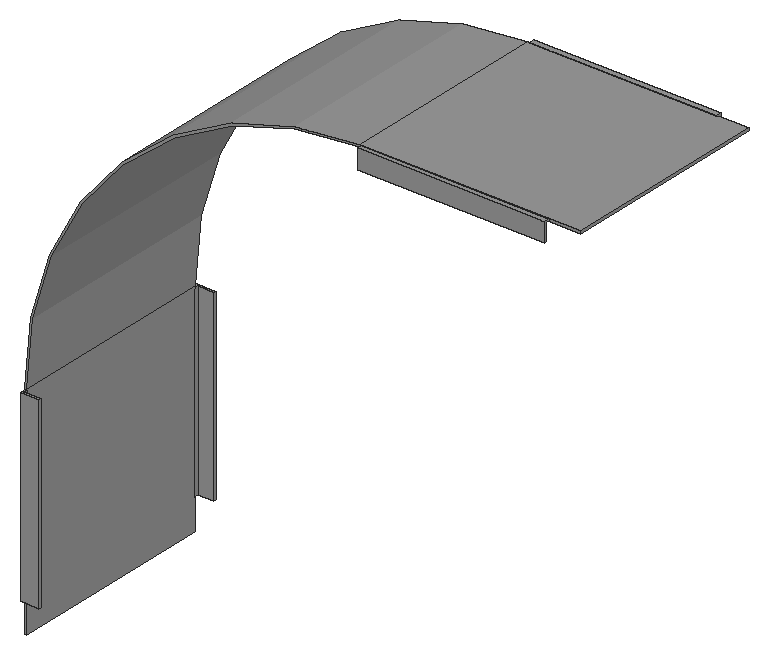
Revit family "Deckel für 90 Vertikalbogen, fallend, Seitenhöhe 35", category Generic Models, Revit 2015
Parameters (values of type "DBV 35 100 F FS")
  Width 1 = 50 mm
  Width = 100 mm
  URL = "http://www.obo-bettermann.com"
  Material = Strip-galvanised
  Manufacturer Art.No. = "7130764"
  Manufacturer = "OBO Bettermann"
  GTIN = "4012195711902"
  Article Type = "DBV 35 100 F FS"
Types (4, lengths in mm): name | Width 1 | Width | Manufacturer Art.No. | GTIN | Article Type
  (no name) | 50 | 100 | "7130764" | "4012195711902" | "DBV 35 100 F FS"
  DBV 35 100 F FS | 50 | 100 | "7130764" | "4012195711902" | "DBV 35 100 F FS"
  DBV 35 200 F FS | 100 | 200 | "7130772" | "4012195711940" | "DBV 35 200 F FS"
  DBV 35 300 F FS | 150 | 300 | "7130776" | "4012195711957" | "DBV 35 300 F FS"
Reference planes
  plane 1 "Center (Front/Back)": y = 0
  plane 2: z = 0
  plane 3 "Center (Left/Right)": x = 0
  plane 4: x = 26.4
  plane 5: z = -28.6
  plane 6: y = 50
  plane 7: y = -50
  plane 8: z = 131.2
  plane 9: z = 130.2
  plane 10: y = 52.6
  plane 11: x = 27.2
  plane 12: x = 116.2
  plane 13: x = -133.4
  plane 14: x = -132.4
  plane 15: x = -132.4
  plane 16: z = -118.4
  plane 17: z = -29.4
Forms (mm)
  Extrusion 1, solid, material "Strip-galvanised" <- "Material"
    sketch origin (0, 0, 0) x (1, 0, 0) y (0, 0, 1)
      loop
        line (-133.4, -133.4) -> (-132.4, -133.4) -> (-132.4, -28.6)
        arc (-132.4, -28.6) -> (-85.889, 83.689) -> (26.4, 130.2) r 158.8
        line (26.4, 130.2) -> (131.2, 130.2) -> (131.2, 131.2) -> (26.4, 131.2)
        arc (26.4, 131.2) -> (-86.596, 84.396) -> (-133.4, -28.6) r 159.8
        line (-133.4, -28.6) -> (-133.4, -133.4)
    from -50 to 50
  Extrusion 2, solid, material "Strip-galvanised" <- "Material"
    sketch origin (0, 0, 0) x (0, 1, 0) y (0, 0, 1)
      loop
        line (50, 131.2) -> (50, 130.2) -> (51.6, 130.2) -> (51.6, 122.2) -> (52.6, 122.2) -> (52.6, 131.2) -> (50, 131.2)
      loop
        line (-50, 131.2) -> (-52.6, 131.2) -> (-52.6, 122.2) -> (-51.6, 122.2) -> (-51.6, 130.2) -> (-50, 130.2) -> (-50, 131.2)
    from 27.2 to 116.2
  Extrusion 3, solid, material "Strip-galvanised" <- "Material"
    sketch origin (0, 0, 0) x (1, 0, 0) y (0, 1, 0)
      loop
        line (-133.4, 50) -> (-132.4, 50) -> (-132.4, 51.6) -> (-124.4, 51.6) -> (-124.4, 52.6) -> (-133.4, 52.6) -> (-133.4, 50)
      loop
        line (-133.4, -50) -> (-133.4, -52.6) -> (-124.4, -52.6) -> (-124.4, -51.6) -> (-132.4, -51.6) -> (-132.4, -50) -> (-133.4, -50)
    from -118.4 to -29.4
Dimensions and locks
  locked: Extrusion 1 sketch curve to Extrusion 1 sketch curve at 264.6  (x2)
  locked: Extrusion 1 sketch curve to level at 131.2
  locked: Extrusion 1 sketch curve to plane 3 "Center (Left/Right)" at 131.2
  Extrusion 1 sketch curve to plane 4 = 104.8 mm
  plane 5 to Extrusion 1 sketch curve = 104.8 mm
  "Width": plane 6 to plane 7
  "Width 1": plane 7 to plane 1 "Center (Front/Back)"
  locked: plane 10 to plane 6 at 2.6
  locked: Extrusion 2 sketch curve to Extrusion 2 sketch curve at 1  (x2)
  locked: Extrusion 1 to Extrusion 2 sketch curve at 9
  locked: Extrusion 1 to Extrusion 2 sketch curve at 2.6
  locked: Extrusion 2 sketch curve to Extrusion 2 sketch curve at 9
  locked: Extrusion 1 to plane 12 at 15
  locked: plane 12 to plane 11 at 89
  locked: Extrusion 3 sketch curve to Extrusion 1 at 2.6  (x2)
  locked: Extrusion 3 sketch curve to Extrusion 3 sketch curve at 1  (x2)
  locked: Extrusion 3 sketch curve to Extrusion 3 sketch curve at 9  (x2)
  locked: plane 16 to Extrusion 1 at 15
  locked: plane 17 to plane 16 at 89
  radius of Extrusion 1 sketch curve = 159.8 mm
  aligned and locked: level to plane 2
  aligned and locked: plane 6 to Extrusion 1
  aligned and locked: Extrusion 1 to plane 7
  aligned and locked: plane 6 to Extrusion 2 sketch curve
  aligned and locked: plane 8 to Extrusion 1
  aligned and locked: plane 9 to Extrusion 1
  aligned and locked: plane 8 to Extrusion 2 sketch curve
  aligned and locked: Extrusion 2 sketch curve to plane 9
  aligned and locked: plane 10 to Extrusion 2 sketch curve
  aligned and locked: plane 12 to Extrusion 2
  aligned and locked: Extrusion 2 to plane 11
  aligned and locked: plane 13 to Extrusion 1
  aligned and locked: plane 14 to Extrusion 1
  aligned and locked: Extrusion 3 sketch curve to plane 13
  aligned and locked: plane 14 to Extrusion 3 sketch curve
  aligned and locked: Extrusion 3 sketch curve to plane 15
  aligned and locked: Extrusion 3 to plane 16
  aligned and locked: plane 17 to Extrusion 3
Automatic sketch dimensions
  Extrusion 1 sketch curve to Extrusion 1 sketch curve = 0 mm  (x2)
  Extrusion 1 sketch curve to Extrusion 1 sketch curve = 1 mm
  Extrusion 2 sketch curve to plane 7 = 0 mm
  Extrusion 2 sketch curve to plane 9 = 0 mm
  Extrusion 2 sketch curve to plane 8 = 0 mm
  Extrusion 3 sketch curve to plane 13 = 0 mm
  Extrusion 3 sketch curve to plane 7 = 0 mm
  Extrusion 3 sketch curve to plane 6 = 0 mm
